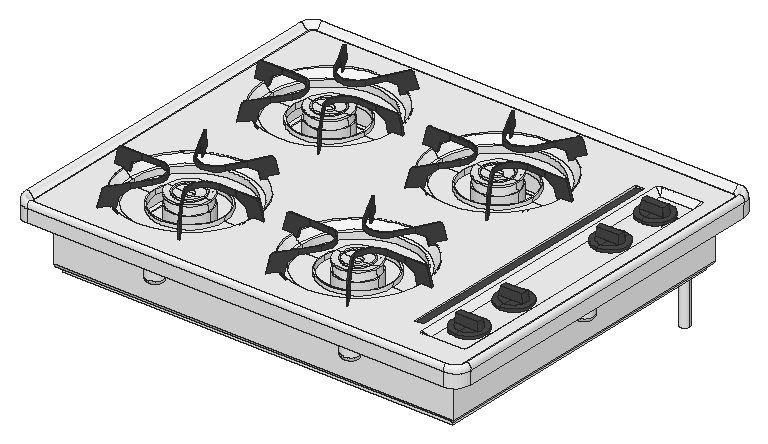
Revit family "QF_Summit_WNL03P_Cooktop", category Specialty Equipment, Revit 2020 (continued)
Definition of nested family "Summit_Burner"
  Automatic sketch dimensions
    curve 28 to curve 29 = 0"
    curve 37 to curve 23 = 0.00008"
    curve 23 to curve 21 = 0.00002"
    curve 21 to curve 20 = 0.00003"
    curve 30 to curve 16 = 0.00015"
    curve 32 to curve 20 = 0.08532"
    curve 21 to curve 32 = 0.00683"
    curve 31 to curve 21 = 0.0725"
    curve 12 to curve 11 = 0.00194"
    curve 34 to curve 12 = 0.06053"
    curve 33 to curve 12 = 0.06852"
    curve 10 to curve 11 = 0.27562"
    curve 30 to curve 23 = 0.05436"
    curve 35 to curve 10 = 0.05987"
    curve 32 to curve 33 = 0.01816"
    curve 34 to curve 32 = 0.06703"
    curve 31 to curve 34 = 0.0111"
    curve 29 to curve 25 = 0.0546"
    curve 26 to curve 25 = 0.14085"
    curve 36 to curve 9 = 0.05612"
    curve 28 to curve 26 = 0.05462"
    curve 8 to curve 36 = 0.11219"
    curve 37 to curve 8 = 0.0556"
    curve 30 to curve 35 = 0.00104"
    curve 29 to curve 36 = 0.00067"
    curve 28 to curve 37 = 0.00063"
    curve 18 to curve 21 = 0.00535"
    curve 21 to curve 19 = 0.07323"
    curve 11 to curve 12 = 0.0019"
    curve 12 to curve 14 = 0.06051"
    curve 12 to curve 13 = 0.06855"
    curve 11 to curve 10 = 0.3055"
    curve 23 to curve 22 = 0.06833"
    curve 10 to curve 15 = 0.04534"
    curve 13 to curve 18 = 0.01507"
    curve 18 to curve 14 = 0.07001"
    curve 19 to plane 8 "Center X" = 0.08242"
    curve 25 to curve 24 = 0.05466"
    curve 9 to curve 16 = 0.0538"
    curve 26 to curve 27 = 7/128"
    curve 9 to curve 8 = 0.16803"
    curve 8 to curve 17 = 0.04772"
    curve 15 to curve 22 = 0.00203"
    curve 16 to curve 24 = 0.0001"
    curve 17 to curve 27 = 0.00107"
    curve 30 to curve 35 = 0.06245"
    curve 29 to curve 36 = 0.06245"
    curve 28 to curve 37 = 0.06245"
    curve 18 to curve 14 = 0.0297"
    curve 32 to curve 34 = 0.03106"
    curve 12 to curve 34 = 0.04337"
    curve 14 to curve 11 = 0.04324"
    curve 15 to curve 10 = 0.02225"
    curve 16 to curve 9 = 0.03201"
    curve 17 to curve 8 = 0.02894"
    Revolve 1 sketch curve to plane 7 "Center Y" = 0"  (x2)
    Revolve 1 sketch curve to Revolve 1 sketch curve = 0.23333"
    Revolve 1 sketch curve to plane 7 "Center Y" = 0.24695"
    Revolve 1 sketch curve to Revolve 1 sketch curve = 0.51345"
    Revolve 1 sketch curve to Revolve 1 sketch curve = 0.02917"
    Revolve 1 sketch curve to Revolve 1 sketch curve = 0.18246"
    Revolve 1 sketch curve to Revolve 1 sketch curve = 0.07859"
    Revolve 1 sketch curve to Revolve 1 sketch curve = 0.0713"
    Revolve 1 sketch curve to plane 6 "TOP" = 0.50892"
    Revolve 1 sketch curve to Revolve 1 sketch curve = 0.14989"
    Revolve 1 sketch curve to Revolve 1 sketch curve = 0.7"
    Revolve 1 sketch curve to Revolve 1 sketch curve = 0.05833"  (x2)
    plane 3 "LEFT" to Revolve 1 sketch curve = 0.74587"
    Revolve 1 sketch curve to Revolve 1 sketch curve = 0.1959"
    plane 3 "LEFT" to Revolve 1 sketch curve = 1/4"
    Revolve 1 sketch curve to plane 6 "TOP" = 0.53304"
    Revolve 1 sketch curve to Revolve 1 sketch curve = 0.02643"
    Revolve 1 sketch curve to plane 6 "TOP" = 0.8456"
    Revolve 1 sketch curve to Revolve 1 sketch curve = 0"  (x2)
    Revolve 1 sketch curve to Revolve 1 sketch curve = 0.20616"
    Revolve 1 sketch curve to Revolve 1 sketch curve = 1.38136"
    Revolve 1 sketch curve to Revolve 1 sketch curve = 0.0449"
    Revolve 1 sketch curve to Revolve 1 sketch curve = 0.35749"
    Revolve 1 sketch curve to Revolve 1 sketch curve = 0.07043"
    Revolve 1 sketch curve to Revolve 1 sketch curve = 0.03555"
    Revolve 1 sketch curve to Revolve 1 sketch curve = 0.07819"
    Revolve 1 sketch curve to Revolve 1 sketch curve = 0.04006"
    Revolve 1 sketch curve to Revolve 1 sketch curve = 0.01412"
    Revolve 1 sketch curve to Revolve 1 sketch curve = 0.0834"
    Extrusion 2 sketch curve to Extrusion 2 sketch curve = 0"  (x6)
    Extrusion 2 sketch curve to plane 7 "Center Y" = 0"
    plane 7 "Center Y" to Extrusion 2 sketch curve = 0.78533"
    plane 7 "Center Y" to Extrusion 2 sketch curve = 0.79697"
    Extrusion 2 sketch curve to Extrusion 2 sketch curve = 0.05518"  (x4)
    Extrusion 2 sketch curve to Extrusion 2 sketch curve = 0.05181"  (x4)
    Extrusion 2 sketch curve to Extrusion 2 sketch curve = 0.44677"  (x2)
    Extrusion 2 sketch curve to Extrusion 2 sketch curve = 0.54664"  (x2)
    Extrusion 2 sketch curve to plane 8 "Center X" = 1/32"
    Extrusion 2 sketch curve to Extrusion 2 sketch curve = 0.73738"  (x2)
    Extrusion 2 sketch curve to Extrusion 2 sketch curve = 0.95164"  (x2)
    Extrusion 2 sketch curve to plane 7 "Center Y" = 0.78533"
    Extrusion 2 sketch curve to plane 7 "Center Y" = 0.79697"
    plane 8 "Center X" to Extrusion 2 sketch curve = 1/32"
    plane 8 "Center X" to Extrusion 2 sketch curve = 1.39462"
    Extrusion 2 sketch curve to Extrusion 2 sketch curve = 0.02934"
    Extrusion 2 sketch curve to Extrusion 2 sketch curve = 0.41757"
    Extrusion 2 sketch curve to Extrusion 2 sketch curve = 1/16"  (x2)
    Extrusion 2 sketch curve to Extrusion 2 sketch curve = 0.88944"  (x2)
    plane 6 "TOP" to Extrusion 3 sketch curve = 1/4"
    plane 3 "LEFT" to Extrusion 3 sketch curve = 1.21219"
    Extrusion 3 sketch curve to plane 6 "TOP" = 0.05877"
    Extrusion 3 sketch curve to Extrusion 3 sketch curve = 0.53481"
    Extrusion 3 sketch curve to Extrusion 3 sketch curve = 0.12323"
    Extrusion 3 sketch curve to Extrusion 3 sketch curve = 1/4"
    Extrusion 3 sketch curve to Extrusion 3 sketch curve = 0.09613"
    plane 3 "LEFT" to Extrusion 3 sketch curve = 0.16348"
    Extrusion 3 sketch curve to plane 3 "LEFT" = 0.05937"
    Extrusion 3 sketch curve to plane 3 "LEFT" = 0.24994"
    Extrusion 3 sketch curve to plane 6 "TOP" = 0.43845"
    Extrusion 3 sketch curve to Extrusion 3 sketch curve = 0.11457"
    plane 6 "TOP" to Extrusion 3 sketch curve = 0.27032"
    Extrusion 3 sketch curve to Extrusion 3 sketch curve = 0.05556"
    plane 6 "TOP" to Extrusion 4 sketch curve = 1/4"
    Extrusion 4 sketch curve to plane 6 "TOP" = 0.05877"
    Extrusion 4 sketch curve to Extrusion 4 sketch curve = 0.53481"
    Extrusion 4 sketch curve to Extrusion 4 sketch curve = 0.12323"
    Extrusion 4 sketch curve to plane 6 "TOP" = 0.55301"
    Extrusion 4 sketch curve to Extrusion 4 sketch curve = 1/4"
    Extrusion 4 sketch curve to plane 6 "TOP" = 0.43845"
    Extrusion 4 sketch curve to Extrusion 4 sketch curve = 0.09613"
    plane 6 "TOP" to Extrusion 4 sketch curve = 0.27032"
    Extrusion 4 sketch curve to Extrusion 4 sketch curve = 0.5139"
    plane 6 "TOP" to Extrusion 4 sketch curve = 0.32589"
    Extrusion 4 sketch curve to Extrusion 4 sketch curve = 0.22285"
    Extrusion 4 sketch curve to Extrusion 4 sketch curve = 0.45796"
    plane 6 "TOP" to Extrusion 5 sketch curve = 1/4"
    plane 4 "RIGHT" to Extrusion 5 sketch curve = 1.21219"
    Extrusion 5 sketch curve to plane 6 "TOP" = 0.05877"
    Extrusion 5 sketch curve to Extrusion 5 sketch curve = 0.53481"
    Extrusion 5 sketch curve to Extrusion 5 sketch curve = 0.12323"
    Extrusion 5 sketch curve to Extrusion 5 sketch curve = 1/4"
    Extrusion 5 sketch curve to Extrusion 5 sketch curve = 0.09613"
    plane 4 "RIGHT" to Extrusion 5 sketch curve = 0.16348"
    Extrusion 5 sketch curve to plane 4 "RIGHT" = 0.05937"
    Extrusion 5 sketch curve to plane 4 "RIGHT" = 0.24994"
    plane 6 "TOP" to Extrusion 5 sketch curve = 0.27032"
    Extrusion 5 sketch curve to Extrusion 5 sketch curve = 0.05556"
    Extrusion 5 sketch curve to plane 6 "TOP" = 0.43845"
    Extrusion 5 sketch curve to Extrusion 5 sketch curve = 0.11457"
    plane 6 "TOP" to Extrusion 6 sketch curve = 1/4"
    Extrusion 6 sketch curve to plane 6 "TOP" = 0.05877"
    Extrusion 6 sketch curve to Extrusion 6 sketch curve = 0.53481"
    Extrusion 6 sketch curve to Extrusion 6 sketch curve = 0.12323"
    Extrusion 6 sketch curve to plane 6 "TOP" = 0.55301"
    Extrusion 6 sketch curve to Extrusion 6 sketch curve = 1/4"
    Extrusion 6 sketch curve to plane 6 "TOP" = 0.43845"
    Extrusion 6 sketch curve to Extrusion 6 sketch curve = 0.09613"
    plane 6 "TOP" to Extrusion 6 sketch curve = 0.27032"
    Extrusion 6 sketch curve to Extrusion 6 sketch curve = 0.5139"
    plane 6 "TOP" to Extrusion 6 sketch curve = 0.32589"
    Extrusion 6 sketch curve to Extrusion 6 sketch curve = 0.22285"
    Extrusion 6 sketch curve to Extrusion 6 sketch curve = 0.45796"
    plane 6 "TOP" to Extrusion 7 sketch curve = 1/4"
    Extrusion 7 sketch curve to plane 6 "TOP" = 0.05877"
    Extrusion 7 sketch curve to Extrusion 7 sketch curve = 0.53481"
    Extrusion 7 sketch curve to Extrusion 7 sketch curve = 0.12323"
    Extrusion 7 sketch curve to plane 6 "TOP" = 0.55301"
    Extrusion 7 sketch curve to Extrusion 7 sketch curve = 1/4"
    Extrusion 7 sketch curve to plane 6 "TOP" = 0.43845"
    Extrusion 7 sketch curve to Extrusion 7 sketch curve = 0.09613"
    plane 6 "TOP" to Extrusion 7 sketch curve = 0.27032"
    Extrusion 7 sketch curve to Extrusion 7 sketch curve = 0.5139"
    plane 6 "TOP" to Extrusion 7 sketch curve = 0.32589"
    Extrusion 7 sketch curve to Extrusion 7 sketch curve = 0.22285"
    Extrusion 7 sketch curve to Extrusion 7 sketch curve = 0.45796"
    plane 6 "TOP" to Extrusion 8 sketch curve = 1/4"
    Extrusion 8 sketch curve to plane 6 "TOP" = 0.05877"
    Extrusion 8 sketch curve to Extrusion 8 sketch curve = 0.53481"
    Extrusion 8 sketch curve to Extrusion 8 sketch curve = 0.12323"
    Extrusion 8 sketch curve to plane 6 "TOP" = 0.55301"
    Extrusion 8 sketch curve to Extrusion 8 sketch curve = 1/4"
    Extrusion 8 sketch curve to plane 6 "TOP" = 0.43845"
    Extrusion 8 sketch curve to Extrusion 8 sketch curve = 0.09613"
    plane 6 "TOP" to Extrusion 8 sketch curve = 0.27032"
    Extrusion 8 sketch curve to Extrusion 8 sketch curve = 0.5139"
    plane 6 "TOP" to Extrusion 8 sketch curve = 0.32589"
    Extrusion 8 sketch curve to Extrusion 8 sketch curve = 0.22285"
    Extrusion 8 sketch curve to Extrusion 8 sketch curve = 0.45796"
    curve 38 to curve 10 = 0.09124"
    curve 39 to curve 38 = 0.05181"
    curve 40 to curve 41 = 0.03495"
    curve 42 to plane 5 "FRONT" = 0.2744"
    curve 10 to curve 43 = 0.11316"
    curve 43 to curve 44 = 0"
    curve 44 to curve 43 = 0.05181"
    curve 45 to curve 9 = 0.5693"
    curve 45 to curve 46 = 0.03495"
    plane 8 "Center X" to curve 49 = 1/32"
    curve 49 to plane 4 "RIGHT" = 0.24994"
    curve 50 to plane 5 "FRONT" = 0.2744"
    curve 45 to curve 50 = 0.05181"
    curve 49 to plane 8 "Center X" = 1/32"
    curve 25 to curve 26 = 0.14084"
    curve 26 to curve 27 = 0.03027"
    curve 23 to curve 30 = 0.03089"
    curve 21 to curve 31 = 0.03066"
    curve 20 to curve 18 = 0.08679"
    curve 21 to curve 32 = 0.07353"
    curve 20 to curve 32 = 0.03085"
    curve 30 to curve 51 = 0.12572"
    curve 51 to curve 23 = 0.07139"
    curve 51 to curve 52 = 0.05518"
    curve 52 to curve 51 = 0.05518"
    curve 56 to curve 55 = 0.05518"
    plane 1 "BACK" to curve 57 = 0.1948"
    plane 1 "BACK" to curve 54 = 0.1948"
    radius of curve 2 = 0.80512"
    radius of curve 3 = 0.74678"
    radius of curve 4 = 0.23333"
